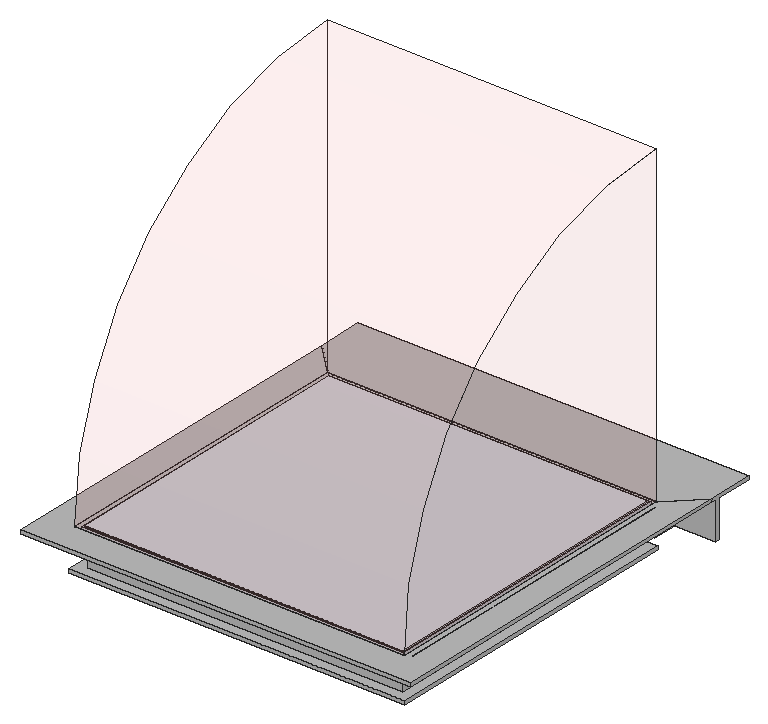
Revit family "Door_Access_Floor_Acudor_FT-8040-Carpet-VinylTile", category Generic Models, host Face, Revit 2020
Family settings
  Host = Face
  Can host rebar = No
  Round Connector Dimension = Use Diameter
  Part Type = Normal
  Cut with Voids When Loaded = No
  Shared = No
  Room Calculation Point = No
Parameters
  singleleafframelocate = if(Single Leaf, 0' 3", 0' 0")  # 0' - 3"
  halfswing = (Door Width / 2)  # 0' - 11 3/8"
  Warranty Duration (Years) = 0
  Unit Width = 1' - 10 3/4"
  Unit Weight = 0
  Unit Height = 2' - 1 1/8"
  Unit Depth = 0' - 3"
  URL = "http://www.acudor.com/"
  Test Data = ""
  Swing Clearance Visible [instance] = yes
  Standards Conformance = "as Specified"
  Specification = ""
  SpecWizard = ""
  SingleSwing [instance] = and(Single Leaf, Swing Clearance Visible)  # yes
  Single Leaf = yes
  Send Message = ""
  Sales Information = "http://www.acudor.com/contactus"
  Revision = "R1_2017-03"
  Product Properties = ""
  Product Data = "http://www.arcat.com/arcatcos/cos30/arc30126.html"
  Overall Width = 2' - 4 3/4"
  Overall Height = 2' - 7 1/8"
  Opening Width = Unit Width  # 1' - 10 3/4"
  Opening Height = Unit Height  # 2' - 1 1/8"
  Opening Depth [instance] = 1' - 0"
  Model = "As Specified"
  Manufacturer Website = "http://www.acudor.com/"
  Manufacturer Phone - Toll Free = "800-722-0501"
  Manufacturer Phone = "973-575-5120"
  Manufacturer Fax = "973-575-5160"
  Manufacturer Address = "80 Little Falls Rd.  Fairfield, NJ 07004"
  Manufacturer = "Acudor Products Inc"
  Maintenance Schedule (Months) = 0
  Keynote = ""
  Installation-Fabrication = ""
  Installation Phase = ""
  Green Building-LEED = "http://www.arcat.com/green/clients/leed_data_30126.html"
  Frame Finish [instance] = Metal - Acudor - Aluminum
  Floor Material Thickness [instance] = 0' - 0 1/16"
  Floor Material [instance] = none
  Fixture Finish [instance] = none
  Expected Lifespan (Years) = 0
  Drawn By = "Sumex Design, Inc. / Robert S. Weygant, CSI, CDT, SCIP"
  DoubleSwing [instance] = and(Double Leaf, Swing Clearance Visible)  # no
  Double Leaf = not(Single Leaf)  # no
  Door Width = Unit Width  # 1' - 10 3/4"
  Door Height = Unit Height  # 2' - 1 1/8"
  Description = "Acudor Product as Specified"
  Default Elevation = 0' - 0"  # constant formula
  Copyright = "©Arcat Inc."
  Construction Details = ""
  Clearance Material [instance] = ARCAT Clearance
  Clear Opening Width = 1' - 8"
  Clear Opening Height = 2' - 0"
  Capacity = "as Specified"
  Available Options [instance] = "as Specified"
  Assembly Code = ""
Reference planes (in)
  plane 1 "Center (Front/Back)": y = 1.28343
  plane 2: z = 0
  plane 3 "Center (Left/Right)": x = 0
  plane 4: y = 13.84593
  plane 5: y = -11.27907
  plane 6: x = -11.375
  plane 7: x = 11.375
  plane 8: z = 0
  plane 9: y = 16.84593
  plane 10: y = -14.27907
  plane 11: x = -14.375
  plane 12: x = 14.375
  plane 13: z = -3
  plane 14: x = -11.375
  plane 15: x = 11.375
  plane 16: y = 13.84593
  plane 17: y = -11.27907
  plane 18: z = -12
Forms (in)
  Extrusion 1, void
    sketch origin (0, 0, 0) x (1, 0, 0) y (0, 1, 0)
      loop
        line (-11.375, 13.84593) -> (-11.375, -11.27907) -> (11.375, -11.27907) -> (11.375, 13.84593) -> (-11.375, 13.84593)
    from -12 to 0
  Extrusion 2, void
    sketch origin (0, 0, 0) x (1, 0, 0) y (0, 1, 0)
      loop
        line (-14.375, 16.84593) -> (-14.375, -14.27907) -> (14.375, -14.27907) -> (14.375, 16.84593) -> (-14.375, 16.84593)
    from 0 to -0.25
Dimensions and locks (in)
  locked: plane 8 to level
  equal spacing: plane 4, plane 1 "Center (Front/Back)", plane 5
  "Unit Height": plane 4 to plane 5
  equal spacing: plane 6, plane 3 "Center (Left/Right)", plane 7
  "Unit Width": plane 6 to plane 7
  equal spacing: plane 11, plane 3 "Center (Left/Right)", plane 12
  "Overall Width": plane 11 to plane 12
  "Overall Height": plane 9 to plane 10
  "Unit Depth": plane 8 to plane 13
  equal spacing: plane 16, plane 1 "Center (Front/Back)", plane 17
  equal spacing: plane 14, plane 3 "Center (Left/Right)", plane 15
  "Opening Width": plane 14 to plane 15
  "Opening Height": plane 16 to plane 17
  "Opening Depth": level to plane 18
  locked: plane 17 to plane 10 at 3
  aligned and locked: host face to plane 2
  aligned and locked: host face to level
  aligned and locked: Extrusion 1 sketch curve to plane 16
  aligned and locked: plane 14 to Extrusion 1 sketch curve
  aligned and locked: plane 17 to Extrusion 1 sketch curve
  aligned and locked: Extrusion 1 sketch curve to plane 15
  aligned and locked: Extrusion 1 to plane 18
  aligned and locked: plane 8 to Extrusion 1
  aligned and locked: plane 3 "Center (Left/Right)" to nested 1
  aligned and locked: plane 1 "Center (Front/Back)" to nested 1
  aligned and locked: Extrusion 2 sketch curve to nested 1  (x4)
  aligned and locked: plane 3 "Center (Left/Right)" to nested 2
  aligned and locked: nested 2 to plane 1 "Center (Front/Back)"
Automatic sketch dimensions
  host sketch curve to host sketch curve = 12' - 11.75605"
  host sketch curve to host sketch curve = 12' - 7.74281"
Nested families (in)
  nested 1: "FT-8040-SL" at (0, 0, 0), Frame Finish <- "Frame Finish", Swing Clearance Visible <- "Swing Clearance Visible", Floor Material <- "Floor Material", Floor Material Thickness <- "Floor Material Thickness", Fixture Finish <- "Fixture Finish", Clearance Material <- "Clearance Material", Clear Opening Width <- "Clear Opening Width", Clear Opening Height <- "Clear Opening Height", Unit Width <- "Unit Width", Unit Height <- "Unit Height", Unit Depth <- "Unit Depth", Overall Height <- "Overall Height", Overall Width <- "Overall Width", visible <- "Single Leaf", type "FT-8040-SL"
    with halfswing 1' - 0 1/8", doorwidthhalfneg -1' - 0 1/8", doorwidthhalf 1' - 0 1/8", Unit Width 1' - 10 3/4", Unit Height 2' - 1 1/8", Unit Depth 0' - 3", Swing Clearance Visible yes, SingleSwing yes, Overall Width 2' - 4 3/4", Overall Height 2' - 7 1/8", Opening Width 1' - 10 3/4", Opening Height 2' - 1 1/8", Opening Depth 1' - 0", Frame Finish Metal - Acudor - Aluminum, Floor Material Thickness 0' - 0 1/16", Floor Material none, Fixture Finish none, DoubleSwing no, Door Width 2' - 0 1/4", Door Height 1' - 11 1/4", Clearance Material ARCAT Clearance, Clear Opening Width 1' - 8", Clear Opening Height 2' - 0", Available Options "as Specified"
  nested 2: "FT-8040-DL" at (1.28343, 1.28343, 0) x (0, 1, 0) z (0, 0, 1), visible <- "Double Leaf", Swing Clearance Visible <- "Swing Clearance Visible", Floor Material Thickness <- "Floor Material Thickness", Frame Finish <- "Frame Finish", Floor Material <- "Floor Material", Fixture Finish <- "Fixture Finish", Clearance Material <- "Clearance Material", Unit Width <- "Unit Height", Unit Height <- "Unit Width", Unit Depth <- "Unit Depth", Overall Width <- "Overall Height", Overall Height <- "Overall Width", Clear Opening Width <- "Clear Opening Height", Clear Opening Height <- "Clear Opening Width", type "FT-8040-DL"
    with halfswing 0' - 8 3/4", doorwidthhalfneg -1' - 1 5/16", doorwidthhalf 1' - 1 5/16", Unit Width 2' - 1 1/8", Unit Height 1' - 10 3/4", Unit Depth 0' - 3", Swing Clearance Visible yes, SingleSwing no, Overall Width 2' - 7 1/8", Overall Height 2' - 4 3/4", Opening Width 2' - 1 1/8", Opening Height 1' - 10 3/4", Opening Depth 1' - 0", Frame Finish Metal - Acudor - Aluminum, Floor Material Thickness 0' - 0 1/16", Floor Material none, Fixture Finish none, DoubleSwing yes, Door Width 2' - 2 5/8", Door Height 1' - 5 1/2", Clearance Material ARCAT Clearance, Clear Opening Width 2' - 0", Clear Opening Height 1' - 8", Available Options "as Specified"
Definition of nested family "FT-8040-SL"
  Parameters
    halfswing [instance] = (Door Width / 2)  # 1' - 9 1/8"
    doorwidthhalfneg [instance] = -(Door Width / 2)  # -1' - 9 1/8"
    doorwidthhalf [instance] = Door Width / 2  # 1' - 9 1/8"
    Warranty Duration (Years) = 0
    Unit Width [instance] = 3' - 4 3/4"
    Unit Weight = 0
    Unit Height [instance] = 3' - 8 1/8"
    Unit Depth [instance] = 0' - 3"
    URL = "http://www.acudor.com/"
    Test Data = ""
    Swing Clearance Visible [instance] = yes
    Standards Conformance = "as Specified"
    Specification = ""
    SpecWizard = ""
    SingleSwing [instance] = and(Single Leaf, Swing Clearance Visible)  # yes
    Single Leaf = yes
    Send Message = ""
    Sales Information = "http://www.acudor.com/contactus"
    Revision = "R1_2017-03"
    Product Properties = ""
    Product Data = "http://www.arcat.com/arcatcos/cos30/arc30126.html"
    Overall Width [instance] = 3' - 10 3/4"
    Overall Height [instance] = 4' - 1 1/8"
    Opening Width [instance] = Unit Width  # 3' - 4 3/4"
    Opening Height [instance] = Unit Height  # 3' - 8 1/8"
    Opening Depth [instance] = 1' - 0"
    Model = "As Specified"
    Manufacturer Website = "http://www.acudor.com/"
    Manufacturer Phone - Toll Free = "800-722-0501"
    Manufacturer Phone = "973-575-5120"
    Manufacturer Fax = "973-575-5160"
    Manufacturer Address = "80 Little Falls Rd.  Fairfield, NJ 07004"
    Manufacturer = "Acudor Products Inc"
    Maintenance Schedule (Months) = 0
    Keynote = ""
    Installation-Fabrication = ""
    Installation Phase = ""
    Green Building-LEED = "http://www.arcat.com/green/clients/leed_data_30126.html"
    Frame Finish [instance] = none
    Floor Material Thickness [instance] = 0' - 0 1/16"
    Floor Material [instance] = none
    Fixture Finish [instance] = none
    Expected Lifespan (Years) = 0
    Drawn By = "Sumex Design, Inc. / Robert S. Weygant, CSI, CDT, SCIP"
    DoubleSwing [instance] = and(Double Leaf, Swing Clearance Visible)  # no
    Double Leaf = not(Single Leaf)  # no
    Door Width [instance] = Overall Width - 0' 4 1/2"  # 3' - 6 1/4"
    Door Height [instance] = Unit Height - 0' 3 3/8" + 0' 1 1/2"  # 3' - 6 1/4"
    Description = "Acudor Product as Specified"
    Default Elevation = 0' - 0"  # constant formula
    Copyright = "©Arcat Inc."
    Construction Details = ""
    Clearance Material [instance] = none
    Clear Opening Width [instance] = 1' - 8"
    Clear Opening Height [instance] = 2' - 0"
    Capacity = "as Specified"
    Available Options [instance] = "as Specified"
    Assembly Code = ""
  Reference planes (in)
    plane 1 "Center (Front/Back)": y = 1.28343
    plane 2: z = 0
    plane 3 "Center (Left/Right)": x = 0
    plane 4: y = 23.34593
    plane 5: y = -20.77907
    plane 6: x = -20.375
    plane 7: x = 20.375
    plane 8: z = 0
    plane 9: y = 25.34593
    plane 10: y = -23.77907
    plane 11: x = -23.375
    plane 12: x = 23.375
    plane 13: z = -3
    plane 14: x = -20.375
    plane 15: x = 20.375
    plane 16: y = 23.34593
    plane 17: y = -20.77907
    plane 18: z = -12
    plane 19: y = 19.97093
    plane 20: y = -0.40407
    plane 21: y = 20.47093
    plane 22: y = -21.27907
    plane 23: x = 20.875
    plane 24: x = -20.875
  Forms (in)
    Extrusion 1, solid
      sketch origin (0, 0, 0) x (1, 0, 0) y (0, 1, 0)
        loop
          line (-79.875, 69.28343) -> (-79.875, -82.45938) -> (75.88105, -82.45938) -> (75.88105, 69.28343) -> (-79.875, 69.28343)
      from 0 to -12
    Sweep 2, solid, material <- "Frame Finish", visible <- "Single Leaf"
      path origin (0, 0, 0) x (1, 0, 0) y (0, 1, 0)
        loop
          line (23.375, 25.34593) -> (23.375, -23.77907) -> (-23.375, -23.77907) -> (-23.375, 25.34593)
      profile origin (-23.375, 0.78343, 0) x (-1, 0, 0) y (0, 0, 1)
        loop
          line (-3, -0.25) -> (-3, -3) -> (-2, -3) -> (-2, -2.75) -> (-2.75, -2.75) -> (-2.75, -0.42678) -> (-2.32322, -0.42678) -> (-2.14645, -0.25) -> (0, -0.25) -> (0, 0) -> (-2.25, 0) -> (-2.5, -0.25) -> (-3, -0.25)
    Extrusion 3, solid, material <- "Fixture Finish", visible <- "Single Leaf"
      sketch origin (0, 0, 0) x (1, 0, 0) y (0, 1, 0)
        loop
          line (-20.875, 20.47093) -> (-20.875, -21.27907) -> (20.875, -21.27907) -> (20.875, 20.47093) -> (-20.875, 20.47093)
      from 0 to -0.25
    Extrusion 4, solid, material <- "Frame Finish", visible <- "Single Leaf"
      sketch origin (0, 0, 0) x (1, 0, 0) y (0, 1, 0)
        loop
          line (-19.625, 19.34593) -> (-19.625, -20.02739) -> (19.62332, -20.02739) -> (19.62332, 19.34593) -> (-19.625, 19.34593)
      from -2.45734 to -0.25
    Sweep 5, solid, material <- "Frame Finish", visible <- "Single Leaf"
      path origin (0, 0, 0) x (1, 0, 0) y (0, 1, 0)
        loop
          line (-23.375, 25.34593) -> (23.375, 25.34593)
      profile origin (0, 25.34593, 0) x (0, 1, 0) y (0, 0, 1)
        loop
          line (-5.375, -0.25) -> (-5.375, -0.5) -> (-4.77145, -0.5) -> (-4.52145, -0.25) -> (-3.875, -0.25) -> (-3.875, -3) -> (-1.75, -3) -> (-1.75, -0.25) -> (0, -0.25) -> (0, 0) -> (-4.625, 0) -> (-4.875, -0.25) -> (-5.375, -0.25)
    Extrusion 6, void
      sketch origin (0, 0, 0) x (1, 0, 0) y (0, 1, 0)
        loop
          line (-23.375, 22.97093) -> (-20.875, 20.47093) -> (-20.375, 20.47093) -> (-20.375, 25.34593) -> (-23.375, 25.34593) -> (-23.375, 22.97093)
        loop
          line (23.375, 22.97093) -> (23.375, 25.34593) -> (20.375, 25.34593) -> (20.375, 20.47093) -> (20.875, 20.47093) -> (23.375, 22.97093)
      from 0 to -3
    Extrusion 7, void
      sketch origin (0, 0, 0) x (1, 0, 0) y (0, 1, 0)
        loop
          line (-20.875, 19.97093) -> (-20.875, 20.47093) -> (-23.375, 22.97093) -> (-23.375, 19.97093) -> (-20.875, 19.97093)
        loop
          line (20.875, 19.97093) -> (23.375, 19.97093) -> (23.375, 22.97093) -> (20.875, 20.47093) -> (20.875, 19.97093)
      from 0 to -3
    Extrusion 8, void
      sketch origin (0, 0, 0) x (1, 0, 0) y (0, 1, 0)
        loop
          line (-20.375, 20.47093) -> (-20.375, 23.34593) -> (-23.375, 23.34593) -> (-23.375, 20.47093) -> (-20.375, 20.47093)
        loop
          line (20.375, 20.47093) -> (23.375, 20.47093) -> (23.375, 23.34593) -> (20.375, 23.34593) -> (20.375, 20.47093)
      from -3 to -0.25
    Extrusion 9, solid, material <- "Clearance Material", visible <- "SingleSwing"
      sketch origin (0, 0, 0) x (0, 1, 0) y (0, 0, 1)
        loop
          arc (20.72093, 42.25) -> (-9.15433, 29.87526) -> (-21.52907, 0) r 42.25
          line (-21.52907, 0) -> (20.72093, 0) -> (20.72093, 42.25)
      from -21.125 <- "doorwidthhalfneg" to 21.125 <- "doorwidthhalf"
    Extrusion 10, solid, material <- "Floor Material"
      sketch origin (0, 0, 0) x (1, 0, 0) y (0, 1, 0)
        loop
          line (20.75, -21.15407) -> (20.75, 20.34593) -> (-20.75, 20.34593) -> (-20.75, -21.15407) -> (20.75, -21.15407)
      from 0 to 0.0625 <- "Floor Material Thickness"
  Cuts and joins
    Extrusion 6, Extrusion 8 cuts Sweep 2
    Extrusion 7, Extrusion 8 cuts Sweep 5
  Lines and regions (in)
    model lines, visible <- "Single Leaf"
      curve 1: line (-20.875, -21.27907, 0.0625) -> (0, 20.47093, 0.0625)
      curve 2: line (0, 20.47093, 0.0625) -> (20.875, -21.27907, 0.0625)
  Dimensions and locks (in)
    locked: plane 8 to level
    equal spacing: plane 4, plane 1 "Center (Front/Back)", plane 5
    "Unit Height": plane 4 to plane 5
    equal spacing: plane 6, plane 3 "Center (Left/Right)", plane 7
    "Unit Width": plane 6 to plane 7
    equal spacing: plane 11, plane 3 "Center (Left/Right)", plane 12
    "Overall Width": plane 11 to plane 12
    "Overall Height": plane 9 to plane 10
    "Unit Depth": plane 8 to plane 13
    equal spacing: plane 16, plane 1 "Center (Front/Back)", plane 17
    equal spacing: plane 14, plane 3 "Center (Left/Right)", plane 15
    "Opening Width": plane 14 to plane 15
    "Opening Height": plane 16 to plane 17
    "Opening Depth": level to plane 18
    locked: Extrusion 4 sketch curve to plane 15 at 0.75168
    locked: plane 14 to Extrusion 4 sketch curve at 0.75
    locked: plane 16 to Extrusion 4 sketch curve at 4
    locked: Extrusion 4 sketch curve to plane 17 at 0.75168
    locked: plane 16 to plane 19 at 3.375
    plane 14 to Sweep 2 sketch curve to Sweep 2 sketch curve to Sweep 2 sketch curve to Sweep 2 sketch curve to Sweep 2 sketch curve to Sweep 2 sketch curve = 0' - 0 1/4" locked, 0' - 0 1/4" locked, 0' - 0.17678" locked, 0' - 0.07322" locked, 0' - 0.10355" locked, 0' - 0.14645" locked
    locked: plane 17 to plane 10 at 3
    locked: plane 17 to plane 22 at 0.5
    locked: plane 21 to plane 19 at 0.5
    equal spacing: plane 21, plane 20, plane 22
    locked: plane 24 to plane 14 at 0.5
    locked: plane 15 to plane 23 at 0.5
    Extrusion 7 sketch curve to Extrusion 7 sketch curve to plane 19 = 0' - 2 1/2" locked, 0' - 0 1/2" locked  (x2)
    locked: Extrusion 6 sketch curve to plane 21 at 2.5  (x2)
    Sweep 5 sketch curve to plane 16 to Sweep 5 sketch curve = 0' - 1 7/8" locked, 0' - 0 1/4" locked
    plane 19 to Sweep 5 sketch curve to Sweep 5 sketch curve to Sweep 5 sketch curve to Sweep 5 sketch curve = 0' - 0 1/2" locked, 0' - 0.10355" locked, 0' - 0.14645" locked, 0' - 0.10355" locked
    locked: plane 21 to Extrusion 9 sketch curve at 0.25  (x2)
    locked: level to Extrusion 9 sketch curve at 0
    locked: plane 21 to Extrusion 10 sketch curve at 0.125
    locked: plane 24 to Extrusion 10 sketch curve at 0.125
    locked: Extrusion 10 sketch curve to plane 23 at 0.125
    locked: Extrusion 10 sketch curve to plane 22 at 0.125
    "Door Height": radius of Extrusion 9 sketch curve
    aligned and locked: Extrusion 1 to plane 2
    aligned and locked: Extrusion 1 to level
    aligned and locked: Sweep 2 sketch curve to plane 11
    aligned and locked: Sweep 2 sketch curve to plane 10
    aligned and locked: Sweep 2 sketch curve to plane 12
    aligned and locked: plane 9 to Sweep 2 sketch curve
    aligned and locked: Sweep 2 sketch curve to plane 9
    aligned and locked: plane 3 "Center (Left/Right)" to curve 2
    aligned and locked: Extrusion 3 sketch curve to plane 21
    aligned and locked: Extrusion 3 sketch curve to plane 24
    aligned and locked: Extrusion 3 sketch curve to plane 23
    aligned and locked: Extrusion 3 sketch curve to plane 22
    aligned and locked: plane 12 to Sweep 5 sketch curve
    aligned and locked: plane 11 to Sweep 5 sketch curve
    aligned and locked: Sweep 5 sketch curve to plane 9  (x2)
    aligned and locked: plane 21 to curve 2
    aligned and locked: Extrusion 7 sketch curve to plane 19  (x2)
    aligned and locked: plane 24 to Extrusion 7 sketch curve
    aligned and locked: Extrusion 7 sketch curve to plane 11
    aligned and locked: Extrusion 7 sketch curve to plane 12
    aligned and locked: plane 23 to Extrusion 7 sketch curve
    aligned and locked: plane 21 to Extrusion 6 sketch curve  (x2)
    aligned and locked: Extrusion 6 sketch curve to plane 15
    aligned and locked: Extrusion 6 sketch curve to plane 9  (x2)
    aligned and locked: plane 12 to Extrusion 6 sketch curve
    aligned and locked: plane 23 to Extrusion 6 sketch curve
    aligned and locked: plane 24 to Extrusion 6 sketch curve
    aligned and locked: plane 11 to Extrusion 6 sketch curve
    aligned and locked: Extrusion 6 sketch curve to plane 14
    aligned and locked: Extrusion 8 sketch curve to plane 14
    aligned and locked: plane 21 to Extrusion 8 sketch curve  (x2)
    aligned and locked: plane 11 to Extrusion 8 sketch curve
    aligned and locked: Extrusion 8 sketch curve to plane 15
    aligned and locked: plane 12 to Extrusion 8 sketch curve
    aligned and locked: Sweep 5 sketch curve to plane 19
    aligned and locked: Extrusion 8 sketch curve to plane 4  (x2)
  Automatic sketch dimensions
    Extrusion 1 sketch curve to Extrusion 1 sketch curve = 12' - 11.75605"
    Extrusion 1 sketch curve to Extrusion 1 sketch curve = 12' - 7.74281"
    Sweep 2 sketch curve to level = 0' - 0"
    Sweep 2 sketch curve to profile plane = 0' - 0"
    Sweep 2 sketch curve to level = 0' - 0 1/4"  (x2)
    Sweep 2 sketch curve to Sweep 2 sketch curve = 0' - 0 1/4"  (x2)
    Sweep 2 sketch curve to Sweep 2 sketch curve = 0' - 2 1/2"
    Sweep 2 sketch curve to level = 0' - 0.42678"
    Sweep 5 sketch curve to level = 0' - 0"
    Sweep 5 sketch curve to level = 0' - 0 1/4"  (x2)
    Sweep 5 sketch curve to Sweep 5 sketch curve = 0' - 0 1/4"  (x2)
    Sweep 5 sketch curve to Sweep 5 sketch curve = 0' - 2 3/4"
    Extrusion 10 to curve 1 = 0' - 0 1/8"  (x2)
    Extrusion 10 to curve 2 = 0' - 0 1/8"  (x2)
Definition of nested family "FT-8040-DL"
  Parameters
    halfswing [instance] = (Door Height / 2)  # 1' - 6 15/16"
    doorwidthhalfneg [instance] = -(Door Width / 2)  # -1' - 9 1/8"
    doorwidthhalf [instance] = Door Width / 2  # 1' - 9 1/8"
    Warranty Duration (Years) = 0
    Unit Width [instance] = 3' - 4 3/4"
    Unit Weight = 0
    Unit Height [instance] = 3' - 7 1/8"
    Unit Depth [instance] = 0' - 3"
    URL = "http://www.acudor.com/"
    Test Data = ""
    Swing Clearance Visible [instance] = yes
    Standards Conformance = "as Specified"
    Specification = ""
    SpecWizard = ""
    SingleSwing [instance] = and(Single Leaf, Swing Clearance Visible)  # no
    Single Leaf = 1 = 0  # no
    Send Message = ""
    Sales Information = "http://www.acudor.com/contactus"
    Revision = "R1_2017-03"
    Product Properties = ""
    Product Data = "http://www.arcat.com/arcatcos/cos30/arc30126.html"
    Overall Width [instance] = 3' - 10 3/4"
    Overall Height [instance] = 4' - 1 1/8"
    Opening Width [instance] = Unit Width  # 3' - 4 3/4"
    Opening Height [instance] = Unit Height  # 3' - 7 1/8"
    Opening Depth [instance] = 1' - 0"
    Model = "As Specified"
    Manufacturer Website = "http://www.acudor.com/"
    Manufacturer Phone - Toll Free = "800-722-0501"
    Manufacturer Phone = "973-575-5120"
    Manufacturer Fax = "973-575-5160"
    Manufacturer Address = "80 Little Falls Rd.  Fairfield, NJ 07004"
    Manufacturer = "Acudor Products Inc"
    Maintenance Schedule (Months) = 0
    Keynote = ""
    Installation-Fabrication = ""
    Installation Phase = ""
    Green Building-LEED = "http://www.arcat.com/green/clients/leed_data_30126.html"
    Frame Finish [instance] = none
    Floor Material Thickness [instance] = 0' - 0 1/16"
    Floor Material [instance] = none
    Fixture Finish [instance] = none
    Expected Lifespan (Years) = 0
    Drawn By = "Sumex Design, Inc. / Robert S. Weygant, CSI, CDT, SCIP"
    DoubleSwing [instance] = and(Double Leaf, Swing Clearance Visible)  # yes
    Double Leaf = not(Single Leaf)  # yes
    Door Width [instance] = Overall Width - 0' 4 1/2"  # 3' - 6 1/4"
    Door Height [instance] = Unit Height - (0' 3 3/8" * 2) + 0' 1 1/2"  # 3' - 1 7/8"
    Description = "Acudor Product as Specified"
    Default Elevation = 0' - 0"  # constant formula
    Copyright = "©Arcat Inc."
    Construction Details = ""
    Clearance Material [instance] = none
    Clear Opening Width [instance] = 1' - 8"
    Clear Opening Height [instance] = 2' - 0"
    Capacity = "as Specified"
    Available Options [instance] = "as Specified"
    Assembly Code = ""
  Reference planes (in)
    plane 1 "Center (Front/Back)": y = 1.28343
    plane 2: z = 0
    plane 3 "Center (Left/Right)": x = 0
    plane 4: y = 22.84593
    plane 5: y = -20.27907
    plane 6: x = -20.375
    plane 7: x = 20.375
    plane 8: z = 0
    plane 9: y = 25.84593
    plane 10: y = -23.27907
    plane 11: x = -23.375
    plane 12: x = 23.375
    plane 13: z = -3
    plane 14: x = -20.375
    plane 15: x = 20.375
    plane 16: y = 22.84593
    plane 17: y = -20.27907
    plane 18: z = -12
    plane 19: y = 19.47093
    plane 20: y = 19.97093
    plane 21: x = 20.875
    plane 22: x = -20.875
    plane 23: y = -16.90407
    plane 24: y = -17.40407
  Forms (in)
    Extrusion 1, solid
      sketch origin (0, 0, 0) x (1, 0, 0) y (0, 1, 0)
        loop
          line (-79.875, 69.28343) -> (-79.875, -82.45938) -> (75.88105, -82.45938) -> (75.88105, 69.28343) -> (-79.875, 69.28343)
      from 0 to -12
    Sweep 2, solid, material <- "Frame Finish", visible <- "Double Leaf"
      path origin (0, 0, 0) x (1, 0, 0) y (0, 1, 0)
        loop
          line (-23.375, -23.27907) -> (-23.375, 25.84593)
      profile origin (-23.375, 1.28343, 0) x (-1, 0, 0) y (0, 0, 1)
        loop
          line (-3, -0.25) -> (-3, -3) -> (-2, -3) -> (-2, -2.75) -> (-2.75, -2.75) -> (-2.75, -0.42678) -> (-2.32322, -0.42678) -> (-2.14645, -0.25) -> (0, -0.25) -> (0, 0) -> (-2.25, 0) -> (-2.5, -0.25) -> (-3, -0.25)
        loop
          line (-43.75, -0.25) -> (-44.25, -0.25) -> (-44.5, 0) -> (-46.75, 0) -> (-46.75, -0.25) -> (-44.60355, -0.25) -> (-44.42678, -0.42678) -> (-44, -0.42678) -> (-44, -2.75) -> (-44.75, -2.75) -> (-44.75, -3) -> (-43.75, -3) -> (-43.75, -0.25)
    Extrusion 3, solid, material <- "Fixture Finish", visible <- "Double Leaf"
      sketch origin (0, 0, 0) x (1, 0, 0) y (0, 1, 0)
        loop
          line (-20.875, 19.97093) -> (-20.875, 1.28343) -> (20.875, 1.28343) -> (20.875, 19.97093) -> (-20.875, 19.97093)
      from 0 to -0.25
    Extrusion 4, solid, material <- "Frame Finish", visible <- "Double Leaf"
      sketch origin (0, 0, 0) x (1, 0, 0) y (0, 1, 0)
        loop
          line (-19.625, 18.84593) -> (-19.625, 1.28343) -> (19.62332, 1.28343) -> (19.62332, 18.84593) -> (-19.625, 18.84593)
      from -2.45734 to -0.25
    Sweep 5, solid, material <- "Frame Finish", visible <- "Double Leaf"
      path origin (0, 0, 0) x (1, 0, 0) y (0, 1, 0)
        loop
          line (-23.375, 25.84593) -> (23.375, 25.84593)
      profile origin (0, 25.84593, 0) x (0, 1, 0) y (0, 0, 1)
        loop
          line (-6.375, -0.25) -> (-6.375, -0.5) -> (-5.77145, -0.5) -> (-5.52145, -0.25) -> (-4.875, -0.25) -> (-4.875, -3) -> (-2.75, -3) -> (-2.75, -0.25) -> (0, -0.25) -> (0, 0) -> (-5.625, 0) -> (-5.875, -0.25) -> (-6.375, -0.25)
    Extrusion 6, void
      sketch origin (0, 0, 0) x (1, 0, 0) y (0, 1, 0)
        loop
          line (-23.375, 22.47093) -> (-20.875, 19.97093) -> (-20.375, 19.97093) -> (-20.375, 25.84593) -> (-23.375, 25.84593) -> (-23.375, 22.47093)
        loop
          line (23.375, 22.47093) -> (23.375, 25.84593) -> (20.375, 25.84593) -> (20.375, 19.97093) -> (20.875, 19.97093) -> (23.375, 22.47093)
        loop
          line (-23.375, -19.90407) -> (-23.375, -23.27907) -> (-20.375, -23.27907) -> (-20.375, -17.40407) -> (-20.875, -17.40407) -> (-23.375, -19.90407)
        loop
          line (23.375, -19.90407) -> (20.875, -17.40407) -> (20.375, -17.40407) -> (20.375, -23.27907) -> (23.375, -23.27907) -> (23.375, -19.90407)
      from 0 to -3
    Extrusion 7, void
      sketch origin (0, 0, 0) x (1, 0, 0) y (0, 1, 0)
        loop
          line (-20.875, 19.47093) -> (-20.875, 19.97093) -> (-23.375, 22.47093) -> (-23.375, 19.47093) -> (-20.875, 19.47093)
        loop
          line (20.875, 19.47093) -> (23.375, 19.47093) -> (23.375, 22.47093) -> (20.875, 19.97093) -> (20.875, 19.47093)
        loop
          line (-20.875, -16.90407) -> (-23.375, -16.90407) -> (-23.375, -19.90407) -> (-20.875, -17.40407) -> (-20.875, -16.90407)
        loop
          line (20.875, -16.90407) -> (20.875, -17.40407) -> (23.375, -19.90407) -> (23.375, -16.90407) -> (20.875, -16.90407)
      from 0 to -3
    Extrusion 8, void
      sketch origin (0, 0, 0) x (1, 0, 0) y (0, 1, 0)
        loop
          line (-20.375, 19.97093) -> (-20.375, 22.84593) -> (-23.375, 22.84593) -> (-23.375, 19.97093) -> (-20.375, 19.97093)
        loop
          line (20.375, 19.97093) -> (23.375, 19.97093) -> (23.375, 22.84593) -> (20.375, 22.84593) -> (20.375, 19.97093)
        loop
          line (-20.375, -17.40407) -> (-23.375, -17.40407) -> (-23.375, -20.27907) -> (-20.375, -20.27907) -> (-20.375, -17.40407)
        loop
          line (20.375, -17.40407) -> (20.375, -20.27907) -> (23.375, -20.27907) -> (23.375, -17.40407) -> (20.375, -17.40407)
      from -3 to -0.25
    Extrusion 9, solid, material <- "Floor Material", visible <- "Double Leaf"
      sketch origin (0, 0, 0) x (1, 0, 0) y (0, 1, 0)
        loop
          line (20.75, 1.40843) -> (20.75, 19.84593) -> (-20.75, 19.84593) -> (-20.75, 1.40843) -> (20.75, 1.40843)
        loop
          line (20.75, 1.15843) -> (-20.75, 1.15843) -> (-20.75, -17.27907) -> (20.75, -17.27907) -> (20.75, 1.15843)
      from 0 to 0.0625 <- "Floor Material Thickness"
    Sweep 10, solid, material <- "Frame Finish"
      path origin (0, 0, 0) x (1, 0, 0) y (0, 1, 0)
        loop
          line (-23.375, -23.27907) -> (23.375, -23.27907)
      profile origin (0, -23.27907, 0) x (0, 1, 0) y (0, 0, 1)
        loop
          line (2.75, -0.25) -> (2.75, -3) -> (4.875, -3) -> (4.875, -0.25) -> (5.52145, -0.25) -> (5.77145, -0.5) -> (6.375, -0.5) -> (6.375, -0.25) -> (5.875, -0.25) -> (5.625, 0) -> (0, 0) -> (0, -0.25) -> (2.75, -0.25)
    Extrusion 11, solid, material <- "Fixture Finish", visible <- "Double Leaf"
      sketch origin (0, 2.56686, 0) x (1, 0, 0) y (0, 1, 0)
        loop
          line (-20.875, -19.97093) -> (20.875, -19.97093) -> (20.875, -1.28343) -> (-20.875, -1.28343) -> (-20.875, -19.97093)
      from 0 to -0.25
    Extrusion 12, solid, material <- "Clearance Material", visible <- "DoubleSwing"
      sketch origin (0, 0, 0) x (0, 1, 0) y (0, 0, 1)
        loop
          arc (1.28343, 0) -> (-4.26324, 13.39083) -> (-17.65407, 18.9375) r 18.9375
          line (-17.65407, 18.9375) -> (-17.65407, 0) -> (1.28343, 0)
      from -21.125 <- "doorwidthhalfneg" to 21.125 <- "doorwidthhalf"
    Extrusion 13, solid, material <- "Clearance Material", visible <- "DoubleSwing"
      sketch origin (0, 2.56686, 0) x (0, -1, 0) y (0, 0, -1)
        loop
          line (1.28343, 0) -> (-17.65407, 0) -> (-17.65407, -18.9375)
          arc (-17.65407, -18.9375) -> (-4.26324, -13.39083) -> (1.28343, 0) r 18.9375
      from 21.125 <- "doorwidthhalf" to -21.125 <- "doorwidthhalfneg"
    Extrusion 14, solid, material <- "Frame Finish", visible <- "Double Leaf"
      sketch origin (0, 2.56686, 0) x (1, 0, 0) y (0, 1, 0)
        loop
          line (-19.625, -18.84593) -> (19.62332, -18.84593) -> (19.62332, -1.28343) -> (-19.625, -1.28343) -> (-19.625, -18.84593)
      from -2.45734 to -0.25
  Cuts and joins
    Extrusion 6, Extrusion 8 cuts Sweep 2
    Extrusion 7, Extrusion 8 cuts Sweep 5
    Extrusion 7 cuts Sweep 10
  Lines and regions (in)
    model lines, visible <- "Double Leaf"
      curve 1: line (-20.875, 1.28343, 0.0625) -> (0, 19.97093, 0.0625)
      curve 2: line (0, 19.97093, 0.0625) -> (20.875, 1.28343, 0.0625)
      curve 3: line (-20.875, 1.28343, 0.0625) -> (0, -17.40407, 0.0625)
      curve 4: line (0, -17.40407, 0.0625) -> (20.875, 1.28343, 0.0625)
  Dimensions and locks (in)
    locked: plane 8 to level
    equal spacing: plane 4, plane 1 "Center (Front/Back)", plane 5
    "Unit Height": plane 4 to plane 5
    equal spacing: plane 6, plane 3 "Center (Left/Right)", plane 7
    "Unit Width": plane 6 to plane 7
    equal spacing: plane 11, plane 3 "Center (Left/Right)", plane 12
    "Overall Width": plane 11 to plane 12
    "Overall Height": plane 9 to plane 10
    "Unit Depth": plane 8 to plane 13
    equal spacing: plane 16, plane 1 "Center (Front/Back)", plane 17
    equal spacing: plane 14, plane 3 "Center (Left/Right)", plane 15
    "Opening Width": plane 14 to plane 15
    "Opening Height": plane 16 to plane 17
    "Opening Depth": level to plane 18
    locked: Extrusion 4 sketch curve to plane 15 at 0.75168
    locked: plane 14 to Extrusion 4 sketch curve at 0.75
    locked: plane 16 to Extrusion 4 sketch curve at 4
    locked: plane 16 to plane 19 at 3.375
    plane 14 to Sweep 2 sketch curve to Sweep 2 sketch curve to Sweep 2 sketch curve to Sweep 2 sketch curve to Sweep 2 sketch curve to Sweep 2 sketch curve = 0' - 0 1/4" locked, 0' - 0 1/4" locked, 0' - 0.17678" locked, 0' - 0.07322" locked, 0' - 0.10355" locked, 0' - 0.14645" locked
    locked: plane 20 to plane 19 at 0.5
    locked: plane 22 to plane 14 at 0.5
    locked: plane 15 to plane 21 at 0.5
    Extrusion 7 sketch curve to Extrusion 7 sketch curve to plane 19 = 0' - 2 1/2" locked, 0' - 0 1/2" locked  (x2)
    locked: Extrusion 6 sketch curve to plane 20 at 2.5  (x2)
    Sweep 5 sketch curve to plane 16 to Sweep 5 sketch curve = 0' - 1 7/8" locked, 0' - 0 1/4" locked
    plane 19 to Sweep 5 sketch curve to Sweep 5 sketch curve to Sweep 5 sketch curve to Sweep 5 sketch curve = 0' - 0 1/2" locked, 0' - 0.10355" locked, 0' - 0.14645" locked, 0' - 0.10355" locked
    locked: plane 20 to Extrusion 9 sketch curve at 0.125
    locked: plane 22 to Extrusion 9 sketch curve at 0.125  (x2)
    locked: Extrusion 9 sketch curve to plane 21 at 0.125  (x2)
    equal spacing: plane 9, plane 1 "Center (Front/Back)", plane 10
    plane 10 to Sweep 10 sketch curve to Sweep 10 sketch curve to Sweep 10 sketch curve to Sweep 10 sketch curve to Sweep 10 sketch curve to Sweep 10 sketch curve to Sweep 10 sketch curve = 0' - 2 3/4" locked, 0' - 2 1/8" locked, 0' - 0.64645" locked, 0' - 0.10355" locked, 0' - 0.14645" locked, 0' - 0.10355" locked, 0' - 0 1/2" locked
    locked: plane 1 "Center (Front/Back)" to Extrusion 9 sketch curve at 0.125
    locked: plane 23 to plane 17 at 3.375
    locked: plane 23 to plane 24 at 0.5
    Sweep 2 sketch curve to Sweep 2 sketch curve to Sweep 2 sketch curve to Sweep 2 sketch curve to Sweep 2 sketch curve to Sweep 2 sketch curve = 0' - 0 1/4" locked, 0' - 0.17678" locked, 0' - 0.07322" locked, 0' - 0.10355" locked, 0' - 0.14645" locked
    locked: Sweep 2 sketch curve to plane 15 at 0.25
    locked: plane 24 to Extrusion 6 sketch curve at 2.5  (x2)
    locked: Extrusion 7 sketch curve to Extrusion 7 sketch curve at 2.5  (x2)
    locked: plane 23 to Extrusion 7 sketch curve at 0.5  (x2)
    locked: Extrusion 9 sketch curve to plane 1 "Center (Front/Back)" at 0.125
    locked: Extrusion 9 sketch curve to plane 24 at 0.125
    locked: Extrusion 12 sketch curve to plane 24 at 0.25
    locked: level to Extrusion 12 sketch curve at 0
    locked: plane 20 to Extrusion 13 sketch curve at 0.25
    locked: level to Extrusion 13 sketch curve at 0
    locked: Extrusion 14 sketch curve to plane 17 at 4
    locked: plane 14 to Extrusion 14 sketch curve at 0.75
    locked: Extrusion 14 sketch curve to plane 15 at 0.75168
    "halfswing": radius of Extrusion 12 sketch curve
    "halfswing": radius of Extrusion 13 sketch curve
    aligned and locked: Extrusion 1 to plane 2
    aligned and locked: Extrusion 1 to level
    aligned and locked: Sweep 2 sketch curve to plane 11
    aligned and locked: plane 9 to Sweep 2 sketch curve
    aligned and locked: plane 3 "Center (Left/Right)" to curve 2
    aligned and locked: Extrusion 3 sketch curve to plane 20
    aligned and locked: plane 22 to Extrusion 3 sketch curve
    aligned and locked: Extrusion 3 sketch curve to plane 21
    aligned and locked: plane 12 to Sweep 5 sketch curve
    aligned and locked: plane 11 to Sweep 5 sketch curve
    aligned and locked: Sweep 5 sketch curve to plane 9  (x2)
    aligned and locked: plane 20 to curve 2
    aligned and locked: Extrusion 7 sketch curve to plane 19  (x2)
    aligned and locked: plane 22 to Extrusion 7 sketch curve
    aligned and locked: Extrusion 7 sketch curve to plane 11
    aligned and locked: Extrusion 7 sketch curve to plane 12
    aligned and locked: plane 21 to Extrusion 7 sketch curve
    aligned and locked: plane 20 to Extrusion 6 sketch curve  (x2)
    aligned and locked: Extrusion 6 sketch curve to plane 15  (x2)
    aligned and locked: Extrusion 6 sketch curve to plane 9  (x2)
    aligned and locked: plane 12 to Extrusion 6 sketch curve
    aligned and locked: plane 21 to Extrusion 6 sketch curve
    aligned and locked: plane 22 to Extrusion 6 sketch curve
    aligned and locked: plane 11 to Extrusion 6 sketch curve
    aligned and locked: Extrusion 6 sketch curve to plane 14  (x2)
    aligned and locked: Extrusion 8 sketch curve to plane 14
    aligned and locked: plane 20 to Extrusion 8 sketch curve  (x2)
    aligned and locked: plane 11 to Extrusion 8 sketch curve
    aligned and locked: Extrusion 8 sketch curve to plane 15
    aligned and locked: plane 12 to Extrusion 8 sketch curve
    aligned and locked: Sweep 5 sketch curve to plane 19
    aligned and locked: Extrusion 8 sketch curve to plane 16  (x2)
    aligned and locked: Sweep 10 sketch curve to plane 12
    aligned and locked: Sweep 10 sketch curve to plane 11
    aligned and locked: Sweep 10 sketch curve to plane 10
    aligned and locked: Extrusion 3 sketch curve to plane 1 "Center (Front/Back)"
    aligned and locked: Extrusion 11 sketch curve to plane 22
    aligned and locked: Extrusion 11 sketch curve to plane 21
    aligned and locked: Extrusion 11 sketch curve to plane 1 "Center (Front/Back)"
    aligned and locked: plane 12 to Sweep 2 sketch curve
    aligned and locked: plane 11 to Sweep 2 sketch curve
    aligned and locked: plane 24 to Extrusion 6 sketch curve
    aligned and locked: Extrusion 6 sketch curve to plane 24
    aligned and locked: Extrusion 6 sketch curve to plane 11
    aligned and locked: Extrusion 6 sketch curve to plane 10  (x2)
    aligned and locked: Extrusion 6 sketch curve to plane 12
    aligned and locked: plane 11 to Extrusion 7 sketch curve
    aligned and locked: Extrusion 7 sketch curve to plane 23
    aligned and locked: plane 23 to Extrusion 7 sketch curve
    aligned and locked: plane 12 to Extrusion 7 sketch curve
    aligned and locked: plane 1 "Center (Front/Back)" to curve 4
    aligned and locked: plane 21 to curve 4
    aligned and locked: plane 22 to curve 3
    aligned and locked: plane 1 "Center (Front/Back)" to curve 1
    aligned and locked: plane 3 "Center (Left/Right)" to curve 4
    aligned and locked: plane 24 to curve 3
    aligned and locked: Extrusion 8 sketch curve to plane 11
    aligned and locked: plane 24 to Extrusion 8 sketch curve
    aligned and locked: plane 14 to Extrusion 8 sketch curve
    aligned and locked: Extrusion 8 sketch curve to plane 17  (x2)
    aligned and locked: Extrusion 8 sketch curve to plane 12
    aligned and locked: plane 15 to Extrusion 8 sketch curve
    aligned and locked: Extrusion 8 sketch curve to plane 24
    aligned and locked: Extrusion 4 sketch curve to plane 1 "Center (Front/Back)"
    aligned and locked: Extrusion 14 sketch curve to plane 1 "Center (Front/Back)"
  Automatic sketch dimensions
    Extrusion 1 sketch curve to Extrusion 1 sketch curve = 12' - 11.75605"
    Extrusion 1 sketch curve to Extrusion 1 sketch curve = 12' - 7.74281"
    Sweep 2 sketch curve to plane 10 = 0' - 0"
    Sweep 2 sketch curve to level = 0' - 0"  (x2)
    Sweep 2 sketch curve to Sweep 2 sketch curve = 0' - 0 1/4"  (x5)
    Sweep 2 sketch curve to level = 0' - 0 1/4"  (x3)
    Sweep 2 sketch curve to Sweep 2 sketch curve = 0' - 0.17678"  (x2)
    Sweep 2 sketch curve to Sweep 2 sketch curve = 0' - 2.32322"  (x2)
    Sweep 5 sketch curve to level = 0' - 0"
    Sweep 5 sketch curve to level = 0' - 0 1/4"  (x2)
    Sweep 5 sketch curve to Sweep 5 sketch curve = 0' - 0 1/4"  (x2)
    Sweep 5 sketch curve to Sweep 5 sketch curve = 0' - 2 3/4"
    Extrusion 6 sketch curve to plane 22 = 0' - 0"
    Extrusion 6 sketch curve to plane 21 = 0' - 0"
    Extrusion 7 sketch curve to plane 22 = 0' - 0"
    Extrusion 7 sketch curve to plane 21 = 0' - 0"
    Sweep 10 sketch curve to profile plane = 0' - 0"
    Sweep 10 sketch curve to level = 0' - 0"
    Sweep 10 sketch curve to level = 0' - 0 1/4"  (x3)
    Sweep 10 sketch curve to Sweep 10 sketch curve = 0' - 0 1/4"
    Sweep 10 sketch curve to Sweep 10 sketch curve = 0' - 2 1/2"
    Extrusion 11 sketch curve to plane 24 = 0' - 0"
    Extrusion 12 sketch curve to level = 0' - 0"
    Extrusion 13 sketch curve to level = 0' - 0"
